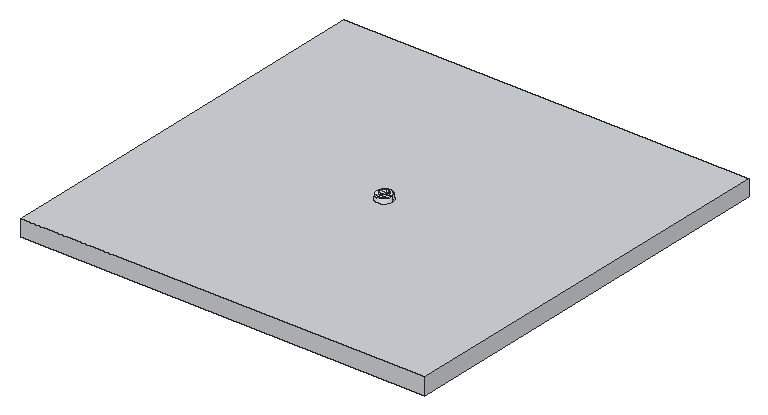
Revit family "PD2-AP types Avec hôte", category Dispositifs d'éclairage, Revit 2019
Family settings
  Hôte = Face
  Conserver l'orientation des annotations = Oui
  Cote de connecteur circulaire = Utiliser le diamètre
  Type d'élément = Normal
  Couper avec des vides une fois chargée = Non
  Partagée = Non
  Point de calcul de pièce = Non
Parameters (values of type "01- PD2-AP Générique")
  Zone de detection [instance] = no
  Zone assise [instance] = Position en hauteur < 300.1 cm  # yes
  URL = "https://www.beg-luxomat.com"
  Type de Sortie = ""
  Température ambiante = "-25°C à +50°C"
  Référence = ""
  Relais = ""
  Position en hauteur [instance] = 250 cm
  Portée frontale [instance] = Position en hauteur * 2.4  # 600 cm
  Portée de biais [instance] = Position en hauteur * 4  # 1000 cm
  Modèle = "PD2-AP"
  Mode de pose = "Saillie"
  Marque = "LUXOMAT"
  Image du type = 360°.jpg
  IP = "20 ou 54"
  Hauteur de montage max préconisée [instance] = Hauteur de montage max  # 300 cm
  Hauteur de montage max = 300 cm
  Fabricant = "B.E.G."
  Etiquette [instance] = yes
  Default Elevation = 0 cm
  Consommation = ""
  Commentaires du type = "DET.PRES.360°/Ø10M APPARENT"
  Code d'assemblage = "D5010200"
  Classe = "II"
  Charge LED = ""
  Charge Cos ɸ =1 = ""
  Charge Cos ɸ =0.5 = ""
  Alimentation = "110-240 V AC"
  Activitée assise [instance] = Position en hauteur * 1.6  # 400 cm
Types (18, lengths in cm): name | Type de Sortie | Température ambiante | Référence | Relais | Modèle | IP | Consommation | Commentaires du type | Charge LED | Charge Cos ɸ =1 | Charge Cos ɸ =0.5 | Alimentation
  (no name) | "" | "-25°C à +50°C" | "" | "" | "PD2-AP" | "20 ou 54" | "" | "DET.PRES.360°/Ø10M APPARENT" | "" | "" | "" | "110-240 V AC"
  01- PD2-AP Générique | "" | "-25°C à +50°C" | "" | "" | "PD2-AP" | "20 ou 54" | "" | "DET.PRES.360°/Ø10M APPARENT" | "" | "" | "" | "110-240 V AC"
  02- PD2-M-1C-AP réf 92550 | "TOR" | "-25°C à +50°C" | "92550" | "10 A" | "PD2-M-1C-AP" | "20 ou 54" | "0,45 W" | "DET.PRES.MAITRE.1 CONTACT.360°/Ø10M APPARENT" | "300 W" | "2300 W" | "1150 VA" | "110-240 V AC"
  03- PD2-M-2C-AP réf 92150 | "TOR + CVC" | "-25°C à +50°C" | "92150" | "10 A / 3 A" | "PD2-M-2C-AP" | "20 ou 54" | "0,47 W" | "DET.PRES.MAITRE.2 CONTACTS.360°/Ø10M APPARENT" | "300 W" | "2300 W" | "1150 VA" | "110-240 V AC"
  06- PD2-M-DIM-AP réf 92153 | "DIM (50 ballasts maxi)" | "-25°C à +50°C" | "92153" | "10 A" | "PD2-M-DIM-AP" | "20 ou 54" | "0,45 W" | "DET.PRES.MAITRE.DIM(1-10V).360°/Ø10M APPARENT" | "300 W" | "2300 W" | "1150 VA" | "110-240 V AC"
  04- PD2N-M-DACO-AP réf 93452 | "DALI 2  (40 drivers maxi)" | "-25°C à +50°C" | "93452+93454" | "0" | "PD2N-M-DACO-AP" | "54" | "2 W" | "DET.PRES.MAITRE.DALI 2.360°/Ø10M APPARENT + KIT AP réf 93454" | "0" | "0" | "0" | "110-240 V AC"
  05- PD2N-M-DACO-1C-AP réf 93455 | "DALI 2 (40 drivers maxi) + Contact NO" | "-25°C à +50°C" | "93455+93454" | "10 A" | "PD2N-M-DACO-1C-AP" | "54" | "2 W" | "DET.PRES.MAITRE.DALI 2 + CONTACT NO.360°/Ø10M APPARENT + KIT AP réf 93454" | "300 W" | "2300 W" | "1150 VA" | "110-240 V AC"
  16- PD2-M-2C-11-48V-RR-AP réf 92305 | "Reed Relais" | "-25°C à +50°C" | "92305" | "100 mA" | "PD2-M-2C-11-48V-RR-AP" | "20 ou 54" | "0,76 W" | "DET.PRES.MAITRE.11-48V.2 CONTACTS.RR.360°/Ø10M APPARENT" | "0" | "0" | "0" | "11-48 V AC/DC"
  17- PD2-M-2C-11-48V-3A-AP réf 92154 | "TOR" | "-25°C à +50°C" | "92154" | "3 A" | "PD2-M-2C-11-48V-3A-AP" | "20 ou 54" | "0,95 W" | "DET.PRES.MAITRE.11-48V.2 CONTACTS.3A.360°/Ø10M APPARENT" | "0" | "0" | "0" | "11-48 V AC/DC"
  10- PD2N-KNX-BA-AP réf 93381 | "KNX - 1 sortie Eclairage TOR" | "-5°C à +45°C" | "93381+93307" | "0" | "PD2N-KNX-BA-AP" | "54" | "12 mA" | "DET.PRES.KNX.VERSION BASIQUE.360°/Ø10M ENCASTRE + KIT AP réf 93307" | "0" | "0" | "0" | "24 V DC par Bus KNX"
  11- PD2N-KNX-ST-AP réf 93383 | "KNX - 1 sortie Eclairage TOR ou GRADATION / 3 sorties Présence" | "-5°C à +45°C" | "93383+93307" | "0" | "PD2N-KNX-ST-AP" | "54" | "12 mA" | "DET.PRES.KNX.VERSION STANDARD.360°/Ø10M ENCASTRE + KIT AP réf 93307" | "0" | "0" | "0" | "24 V DC par Bus KNX"
  12- PD2N-KNX-DX-AP réf 93361 | "KNX - 1 sortie Eclairage TOR ou GRADATION / 3 sorties Présence / Capteur de température et bruit" | "-5°C à +45°C" | "93361+93307" | "0" | "PD2N-KNX-DX-AP" | "54" | "12 mA" | "DET.PRES.KNX.VERSION DELUXE.360°/Ø10M ENCASTRE + KIT AP réf 93307" | "0" | "0" | "0" | "24 V DC par Bus KNX"
  15- PD2N-LON-AP réf 92734 | "LON" | "-5°C à +45°C" | "92734" | "0" | "PD2N-LON-AP" | "20 ou 54" | "12 mA" | "DET.PRES.LON.360°/Ø10M APPARENT" | "0" | "0" | "0" | "24 V DC par Bus LON"
  07- PD2-S-AP réf 92152 | "Esclave" | "-25°C à +50°C" | "92152" | "10 A" | "PD2-S-AP" | "20 ou 54" | "0,25 W" | "DET.PRES.ESCLAVE.360°/Ø10M APPARENT" | "0" | "0" | "0" | "110-240 V AC"
  08- PD2N-DALISYS-AP réf 93368 | "DALI Adressable" | "-25°C a +55°C" | "93368+93307" | "0" | "PD2N-DALISYS-AP" | "54" | "3 mA" | "MULTI.CAPTEUR.PRES.DALISYS.360°/Ø10M ENCASTRE + KIT AP réf 93307" | "0" | "0" | "0" | "10-22 V DC par Bus DALI"
  09- PD2N-BMS-DALI-2-AP réf 93544 | "DALI 2 Adressable - BMS" | "-25°C a +55°C" | "93544+93307" | "0" | "PD2N-BMS-DALI-2-AP" | "54" | "7 mA" | "MULTI.CAPTEUR.PRES.BMS.DALI 2.360°/Ø10M ENCASTRE + KIT AP réf 93307" | "0" | "0" | "0" | "10-22 V DC par Bus DALI"
  13- PD2N-KNXs-ST-AP réf 93511 | "KNX Sécure - 1 sortie Eclairage TOR ou GRADATION / 3 sorties Présence / HCL" | "-5°C à +45°C" | "93511+93307" | "0" | "PD2N-KNXs-ST-AP" | "54" | "12 mA" | "DET.PRES.KNX Sécure.VERSION STANDARD.360°/Ø10M ENCASTRE + KIT AP réf 93307" | "0" | "0" | "0" | "24 V DC par Bus KNX"
  14- PD2N-KNXs-DX-AP réf 93513 | "KNX Sécure - 1 sortie Eclairage TOR ou GRADATION / 3 sorties Présence / Capteur de température et bruit / HCL" | "-5°C à +45°C" | "93513+93307" | "0" | "PD2N-KNXs-DX-AP" | "54" | "12 mA" | "DET.PRES.KNX Sécure.VERSION DELUXE.360°/Ø10M ENCASTRE + KIT AP réf 93307" | "0" | "0" | "0" | "24 V DC par Bus KNX"
Reference planes (cm)
  plane 1 "Centre (avant/arrière)": y = 0
  plane 2: z = 0
  plane 3 "Centre (gauche/droite)": x = 0
Forms (cm)
  Extrusion 1, solid
    sketch origin (0, 0, 0) x (1, 0, 0) y (0, 1, 0)
      loop
        line (-121.92, 121.92) -> (-121.92, -121.92) -> (121.92, -121.92) -> (121.92, 121.92) -> (-121.92, 121.92)
    from 0 to -10
Dimensions and locks (cm)
  aligned and locked: plane 2 to Extrusion 1
  aligned and locked: level to Extrusion 1
  aligned and locked: nested 2 to plane 2
Nested families (cm)
  nested 1: "Famille1" at (0, 55.7064, 0), modele <- "Modèle", visible <- "Etiquette", référence <- "Référence", type "Famille1"
    with référence "", modele "PD2-AP"
  nested 2: "M8" at (0, 0, 0), type "Standard"
  nested 3: "Plafond 360° 2D" at (0, 0, 0), type "Plafond 360° 2D"
  nested 4: "zone G" at (0, 0, 0) x (1, 0, 0) z (0, 0, -1), visible <- "Zone de detection", activité assise <- "Activitée assise", biais <- "Portée de biais", frontal <- "Portée frontale", Zone assise <- "Zone assise", type "zone G"
    with position 2 240 cm, position 1 400 cm, frontal 600 cm, biais 1000 cm, activité assise 400 cm, Zone assise yes
Connectors (cm)
  electrical at (0, 0, 0)
    settings: on nested 2, index 1, voltage 230 V, apparent load 0 VA, apparent load phase1 0 VA, apparent load phase2 0 VA, apparent load phase3 0 VA, power factor 1, load classification "Eclairage", number of poles 1, system type 31, power factor state 1, is connector primary yes, connector utility no, sub classification motor no, connector description ""
Definition of nested family "M8"
  Reference planes (cm)
    plane 1 "Centre (avant/arrière)": y = 0
    plane 2: z = 0
    plane 3 "Centre (gauche/droite)": x = 0
    plane 4: y = 0
  Forms (cm)
    Revolve 1, solid
      sketch origin (0, 0, 0) x (-1, 0, 0) y (0, 0, 1)
        loop
          line (0, 0) -> (0, 3.6) -> (-2.45, 3.6) -> (-2.6598, 3.35) -> (-2.6598, 3.1) -> (-4.3661, 2.8) -> (-4.69, 2.4) -> (-4.9, 0) -> (0, 0)
        axis (0, 0) -> (0, 3.6)
      angle from 0 to 360
    Revolve 2, solid
      sketch origin (0, 0, 0) x (-1, 0, 0) y (0, 0, 1)
        loop
          line (0, 3.6) -> (0, 5)
          arc (0, 5) -> (-1.3892, 4.6244) -> (-2.4, 3.6) r 2.7571
          line (-2.4, 3.6) -> (0, 3.6)
        axis (0, 3.6) -> (0, 5)
      angle from 0 to 360
  Lines and regions (cm)
    reference lines
      curve 1: line (0, 0, 0) -> (0, 0, 5)
      curve 2: line (2.45, 0, 3.6) -> (0, 0, 3.6)
      curve 3: line (2.6598, 0, 3.35) -> (2.45, 0, 3.6)
      curve 4: line (2.6598, 0, 3.35) -> (2.6598, 0, 3.1)
      curve 5: line (4.3661, 0, 2.8) -> (2.6598, 0, 3.1)
      curve 6: line (4.69, 0, 2.4) -> (4.3661, 0, 2.8)
      curve 7: line (4.9, 0, 0) -> (4.69, 0, 2.4)
      curve 8: line (0, 0, 0) -> (4.9, 0, 0)
      curve 9: line (0, 0, 5) -> (0, 0, 3.6)
      curve 10: arc (0, 0, 5) -> (1.3892, 0, 4.6244) -> (2.4, 0, 3.6) r 2.7571
      curve 11: line (0, 0, 3.6) -> (2.4, 0, 3.6)
      curve 12: line (0, 0, 0) -> (0, 0, 5)
  Dimensions and locks (cm)
    aligned and locked: level to plane 2
    aligned and locked: Revolve 1 sketch curve to curve 1  (x2)
    aligned and locked: Revolve 1 sketch curve to curve 2
    aligned and locked: Revolve 1 sketch curve to curve 3
    aligned and locked: Revolve 1 sketch curve to curve 4
    aligned and locked: Revolve 1 sketch curve to curve 5
    aligned and locked: Revolve 1 sketch curve to curve 6
    aligned and locked: Revolve 1 sketch curve to curve 7
    aligned and locked: Revolve 1 sketch curve to curve 8
    aligned and locked: Revolve 2 sketch curve to curve 9
    aligned and locked: Revolve 2 sketch curve to curve 10
    aligned and locked: Revolve 2 sketch curve to curve 11
    aligned and locked: Revolve 2 sketch curve to curve 12
Definition of nested family "Famille1"
  Parameters (values of type "Famille1")
    référence [instance] = ""
    modele [instance] = ""
  Reference planes (cm)
    plane 1: y = 0
    plane 2: x = 0
  Text (cm)
    label "référence\nmodele" at (0.0074, 0.0451, 0), shows "référence", "modele"
Definition of nested family "Plafond 360° 2D"
  Reference planes (cm)
    plane 1: y = 0
    plane 2: x = 0
  Lines and regions (cm)
    Filled region 1, type "rouge"
      outline origin (0, 0, 0) x (1, 0, 0) y (0, 1, 0)
        loop
          circle (0, 0) r 0.0294
    detail lines
      curve 1: arc (-0.1732, 0.1, 0) -> (-0.2, 0, 0) -> (-0.1732, -0.1, 0) r 0.2
      curve 2: arc (-0.1, -0.1732, 0) -> (0, -0.2, 0) -> (0.1, -0.1732, 0) r 0.2
      curve 3: arc (0.1732, -0.1, 0) -> (0.2, 0, 0) -> (0.1732, 0.1, 0) r 0.2
      curve 4: arc (0.1, 0.1732, 0) -> (0, 0.2, 0) -> (-0.1, 0.1732, 0) r 0.2
      curve 5: arc (-0.1375, 0.0794, 0) -> (-0.1588, 0, 0) -> (-0.1375, -0.0794, 0) r 0.1588
      curve 6: arc (-0.0794, -0.1375, 0) -> (0, -0.1588, 0) -> (0.0794, -0.1375, 0) r 0.1588
      curve 7: arc (0.1375, -0.0794, 0) -> (0.1588, 0, 0) -> (0.1375, 0.0794, 0) r 0.1588
      curve 8: arc (0.0794, 0.1375, 0) -> (0, 0.1588, 0) -> (-0.0794, 0.1375, 0) r 0.1588
      curve 9: arc (-0.1019, 0.0588, 0) -> (-0.1176, 0, 0) -> (-0.1019, -0.0588, 0) r 0.1176
      curve 10: arc (-0.0588, -0.1019, 0) -> (0, -0.1176, 0) -> (0.0588, -0.1019, 0) r 0.1176
      curve 11: arc (0.1019, -0.0588, 0) -> (0.1176, 0, 0) -> (0.1019, 0.0588, 0) r 0.1176
      curve 12: arc (0.0588, 0.1019, 0) -> (0, 0.1176, 0) -> (-0.0588, 0.1019, 0) r 0.1176
      curve 13: arc (-0.0294, 0, 0) -> (0, -0.0294, 0) -> (0.0294, 0, 0) r 0.0294
      curve 14: arc (0.0294, 0, 0) -> (0, 0.0294, 0) -> (-0.0294, 0, 0) r 0.0294
Definition of nested family "zone G"
  Parameters (values of type "zone G")
    position 2 [instance] = (frontal / 2) * 0.8  # 240 cm
    position 1 [instance] = ((biais / 2) + (frontal / 2)) / 2  # 400 cm
    frontal [instance] = 600 cm
    biais [instance] = 1000 cm
    activité assise [instance] = 400 cm
    Zone assise [instance] = yes
  Reference planes (cm)
    plane 1 "Centre (avant/arrière)": y = 0
    plane 2: z = 0
    plane 3 "Centre (gauche/droite)": x = 0
    plane 4: x = -400
    plane 5: y = -240
  Lines and regions (cm)
    detail lines, in view "Niveau de réf.", visible <- "Zone assise"
      curve 1: circle (0, 0, 0) r 200 normal (0, 0, 1)
      curve 16: spline (-100.1609, 35.3835, 0) -> (-99.2494, 35.2529, 0) -> (-98.3931, 34.8281, 0) -> (-97.6502, 34.138, 0) -> (-97.0714, 33.2297, 0) -> (-96.6961, 32.165, 0) -> (-96.55, 31.0166, 0) -> (-96.643, 29.8626, 0) -> (-96.9687, 28.7818, 0) -> (-97.5049, 27.8477, 0) -> (-98.2152, 27.1241, 0) -> (-99.051, 26.6602, 0) -> (-99.9555, 26.4877, 0) -> (-100.867, 26.6183, 0) -> (-101.7234, 27.0431, 0) -> (-102.4663, 27.7332, 0) -> (-103.0451, 28.6415, 0) -> (-103.4203, 29.7062, 0) -> (-103.5664, 30.8546, 0) -> (-103.4735, 32.0085, 0) -> (-103.1478, 33.0894, 0) -> (-102.6115, 34.0234, 0) -> (-101.9013, 34.7471, 0) -> (-101.0654, 35.211, 0) -> (-100.1609, 35.3835, 0)
      curve 17: line (-100, 26, 0) -> (-100, 0, 0)
      curve 18: line (-100, 0, 0) -> (-83, 0, 0)
      curve 19: line (-83, 0, 0) -> (-83, -21, 0)
      curve 20: line (-100, 22.2972, 0) -> (-87.1203, 15.4489, 0)
      curve 21: line (-110.5298, 20.3537, 0) -> (-105.6439, -2.6328, 0)
      curve 22: line (-105.6439, -2.6328, 0) -> (-85.0082, -2.6328, 0)
      curve 23: line (-90.8164, -2.6328, 0) -> (-90.8164, -21, 0)
      curve 24: line (-102.3261, -2.6328, 0) -> (-102.3261, -21, 0)
      curve 34: line (-90.8164, 8.5, 0) -> (-64.3164, 8.5, 0)
      curve 35: line (-75.5, -21, 0) -> (-75.5, 8.5, 0)
      curve 36: line (-69, -21, 0) -> (-69, 8.5, 0)
    detail lines, in view "Niveau de réf."
      curve 2: circle (0, 0, 0) r 300 normal (0, 0, 1)
      curve 3: circle (0, 0, 0) r 500 normal (0, 0, 1)
      curve 4: line (-400, -41.4725, 0) -> (-400, 41.4725, 0)
      curve 5: line (-400, 41.4725, 0) -> (-422.1638, 13.1041, 0)
      curve 6: line (-400, 41.4725, 0) -> (-377.8362, 13.1041, 0)
      curve 10: line (0, -294.5767, 0) -> (0, -211.6316, 0)
      curve 11: line (0, -211.6316, 0) -> (-22.1638, -240, 0)
      curve 12: line (0, -211.6316, 0) -> (22.1638, -240, 0)
    detail lines, in view "Niveau de réf.", not visible
      curve 7: line (628.0656, -64.277, 0) -> (628.0656, 18.6681, 0)
      curve 8: line (628.0656, 18.6681, 0) -> (605.9018, -9.7003, 0)
      curve 9: line (628.0656, 18.6681, 0) -> (650.2294, -9.7003, 0)
      curve 13: line (628.0656, -64.277, 0) -> (628.0656, 18.6681, 0)
      curve 14: line (628.0656, 18.6681, 0) -> (605.9018, -9.7003, 0)
      curve 15: line (628.0656, 18.6681, 0) -> (650.2294, -9.7003, 0)
    detail lines, in view "Niveau de réf.", visible <- "Zone assise", not visible
      curve 25: spline (932.3619, 15.8637, 0) -> (933.2734, 15.7331, 0) -> (934.1297, 15.3083, 0) -> (934.8726, 14.6182, 0) -> (935.4514, 13.7099, 0) -> (935.8267, 12.6452, 0) -> (935.9728, 11.4968, 0) -> (935.8798, 10.3428, 0) -> (935.5541, 9.262, 0) -> (935.0179, 8.3279, 0) -> (934.3076, 7.6043, 0) -> (933.4718, 7.1404, 0) -> (932.5673, 6.9679, 0) -> (931.6558, 7.0985, 0) -> (930.7994, 7.5233, 0) -> (930.0565, 8.2134, 0) -> (929.4777, 9.1217, 0) -> (929.1025, 10.1864, 0) -> (928.9564, 11.3348, 0) -> (929.0493, 12.4888, 0) -> (929.375, 13.5696, 0) -> (929.9113, 14.5037, 0) -> (930.6215, 15.2273, 0) -> (931.4574, 15.6912, 0) -> (932.3619, 15.8637, 0)
      curve 26: line (932.5228, 6.4802, 0) -> (932.5228, -19.5198, 0)
      curve 27: line (932.5228, -19.5198, 0) -> (949.5228, -19.5198, 0)
      curve 28: line (949.5228, -19.5198, 0) -> (949.5228, -40.5198, 0)
      curve 29: line (932.5228, 2.7774, 0) -> (945.4025, -4.0709, 0)
      curve 30: line (921.993, 0.8339, 0) -> (926.8789, -22.1526, 0)
      curve 31: line (926.8789, -22.1526, 0) -> (947.5146, -22.1526, 0)
      curve 32: line (941.7064, -22.1526, 0) -> (941.7064, -40.5198, 0)
      curve 33: line (930.1967, -22.1526, 0) -> (930.1967, -40.5198, 0)
      curve 37: line (941.7064, -11.0198, 0) -> (968.2064, -11.0198, 0)
      curve 38: line (957.0228, -40.5198, 0) -> (957.0228, -11.0198, 0)
      curve 39: line (963.5228, -40.5198, 0) -> (963.5228, -11.0198, 0)
  Dimensions and locks (cm)
    "position 1": plane 4 to plane 3 "Centre (gauche/droite)"
    "position 2": plane 5 to plane 1 "Centre (avant/arrière)"
    "activité assise": diameter of curve 1
    "biais": diameter of curve 3
    "frontal": diameter of curve 2
    aligned and locked: plane 4 to curve 4
    aligned and locked: plane 1 "Centre (avant/arrière)" to curve 18
    aligned and locked: curve 10 to plane 3 "Centre (gauche/droite)"
    aligned and locked: plane 5 to curve 12
  Automatic sketch dimensions
    curve 5 to curve 5 = 22.1638 cm
    curve 4 to curve 6 = 22.1638 cm
    curve 6 to curve 5 = 28.3684 cm
    curve 5 to curve 5 = 28.3684 cm
    curve 4 to curve 5 = 54.5767 cm
    curve 8 to curve 8 = 22.1638 cm
    curve 7 to curve 9 = 22.1638 cm
    curve 9 to curve 8 = 28.3684 cm
    curve 8 to curve 8 = 28.3684 cm
    curve 7 to curve 8 = 54.5767 cm
    curve 11 to curve 11 = 22.1638 cm
    curve 10 to curve 12 = 22.1638 cm
    curve 12 to curve 11 = 28.3684 cm
    curve 11 to curve 11 = 28.3684 cm
    curve 10 to curve 11 = 54.5767 cm
    curve 14 to curve 14 = 22.1638 cm
    curve 13 to curve 15 = 22.1638 cm
    curve 15 to curve 14 = 28.3684 cm
    curve 14 to curve 14 = 28.3684 cm
    curve 13 to curve 14 = 54.5767 cm
    curve 21 to curve 17 = 5.6439 cm
    curve 17 to curve 19 = 17 cm
    curve 22 to curve 19 = 2.6328 cm
    curve 21 to curve 20 = 10.5298 cm
    curve 21 to curve 24 = 3.3178 cm
    curve 16 to curve 17 = 0.1609 cm
    curve 16 to curve 16 = 0.1027 cm
    curve 23 to curve 18 = 7.8164 cm
    curve 34 to curve 23 = 0 cm
    curve 34 to curve 20 = 3.6961 cm
    curve 22 to curve 18 = 2.0082 cm
    curve 19 to curve 35 = 7.5 cm
    curve 35 to curve 36 = 6.5 cm
    curve 36 to curve 34 = 4.6836 cm
    curve 35 to curve 22 = 18.3672 cm
    curve 23 to curve 35 = 0 cm
    curve 19 to curve 35 = 0 cm
    curve 35 to curve 36 = 0 cm
    curve 24 to curve 23 = 0 cm
    curve 18 to curve 36 = 8.5 cm
    curve 34 to curve 20 = 6.9489 cm
    curve 17 to curve 21 = 20.3537 cm
    curve 21 to curve 20 = 1.9435 cm
    curve 20 to curve 17 = 3.7028 cm
    curve 17 to curve 16 = 4.9356 cm
    curve 30 to curve 26 = 5.6439 cm
    curve 26 to curve 28 = 17 cm
    curve 31 to curve 28 = 2.6328 cm
    curve 30 to curve 29 = 10.5298 cm
    curve 30 to curve 33 = 3.3178 cm
    curve 25 to curve 26 = 0.1609 cm
    curve 25 to curve 25 = 0.1027 cm
    curve 32 to curve 27 = 7.8164 cm
    curve 37 to curve 32 = 0 cm
    curve 37 to curve 29 = 3.6961 cm
    curve 31 to curve 27 = 2.0082 cm
    curve 28 to curve 38 = 7.5 cm
    curve 38 to curve 39 = 6.5 cm
    curve 39 to curve 37 = 4.6836 cm
    curve 38 to curve 31 = 18.3672 cm
    curve 32 to curve 38 = 0 cm
    curve 28 to curve 38 = 0 cm
    curve 38 to curve 39 = 0 cm
    curve 33 to curve 32 = 0 cm
    curve 27 to curve 39 = 8.5 cm
    curve 37 to curve 29 = 6.9489 cm
    curve 26 to curve 30 = 20.3537 cm
    curve 30 to curve 29 = 1.9435 cm
    curve 29 to curve 26 = 3.7028 cm
    curve 26 to curve 25 = 4.9356 cm
    curve 1 to curve 2 = 0 cm  (x2)
    curve 1 to curve 3 = 0 cm  (x2)
    curve 2 to curve 3 = 0 cm  (x2)
    plane 1 "Centre (avant/arrière)" to curve 2 = 0 cm
    curve 2 to plane 3 "Centre (gauche/droite)" = 0 cm
